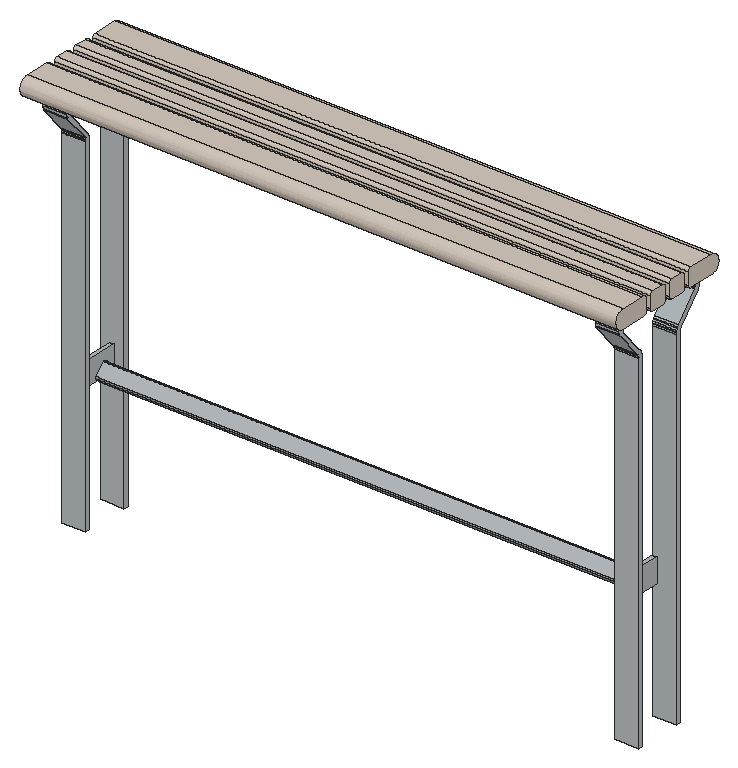
Revit family "Table For Standing Zeta", category Furniture, Revit 2020
Family settings
  OmniClass Number = 23.21.23.13.15
  Work Plane-Based = No
  Always vertical = Yes
  Cut with Voids When Loaded = No
  Shared = No
  Room Calculation Point = No
Parameters (values of type "8037072 Table For Standing Zeta")
  Uniclass 1.4 Description = "Furniture"
  Uniclass 1.4 Code = "L8211"
  URL = "https://www.hags.com/"
  QR code = ""
  Product url = "https://www.hags.com/park-urban/park-and-urban-products/tables/table-for-standing-zeta"
  Product name = "Table For Standing Zeta"
  Product data url = ""
  Product SKU = ""
  Product Guid = ""
  OmniClass Description = "Tables"
  OmniClass Code = "23-21 23 13 15"
  Model = "8037072"
  Manufacturer name = "HAGS"
  Manufacturer = "Hags"
  IFC Classification = "Furniture"
  Edition number = 1
  Description = "Table For Standing Zeta"  # constant formula
  Default Elevation = 0 mm
  Construction material = Hags - Steel - Galvanized
  Body material_90 = Hags - Steel - Galvanized
  Body material = Hags - Wood - Tan
  BIMobject category = "Park and Urban Furniture"
Reference planes
  plane 1 "Center (Front/Back)": y = 0
  plane 2: z = 0
  plane 3 "Center (Left/Right)": x = 0
Forms (mm)
  Extrusion 1, solid, material "Hags - Steel - Galvanized" <- "Construction material"
    sketch origin (310.18, 293, 329.108) x (0, 1, 0) y (0, 0, 1)
      loop
        line (81.138, -329.108) -> (81.138, 542.256) -> (81.138, 549.581) -> (81.138, 553.044) -> (81.79, 555.284) -> (82.578, 557.989) -> (84.335, 561.021) -> (85.662, 562.792) -> (136.554, 623.443) -> (137.902, 625.297) -> (138.818, 626.9) -> (139.73, 628.92) -> (140.54, 631.813) -> (141.064, 634.292) -> (141.064, 636.21) -> (140.684, 639.446) -> (139.632, 642.933) -> (138.58, 645.505) -> (136.823, 648.21) -> (135.336, 649.697) -> (133.144, 651.889) -> (131.282, 653.228) -> (129.652, 653.974) -> (127.564, 654.886) -> (126.104, 655.249) -> (123.67, 655.852) -> (121.072, 656.052) -> (-88.928, 656.052) -> (-93.103, 655.675) -> (-97.485, 654.31) -> (-100.534, 652.175) -> (-102.208, 650.501) -> (-105.743, 646.966) -> (-107.907, 642.57) -> (-109.015, 636.287) -> (-107.456, 628.254) -> (-106.284, 625.463) -> (-53.697, 562.792) -> (-51.193, 559.007) -> (-50.391, 556.169) -> (-49.067, 551.348) -> (-49.067, 550.054) -> (-49.067, -329.108) -> (-39.067, -329.108) -> (-39.067, 552.488) -> (-39.228, 553.488) -> (-39.62, 555.921) -> (-40.685, 559.799) -> (-42.291, 563.564) -> (-43.852, 566.267) -> (-46.036, 569.22) -> (-96.678, 629.572) -> (-97.929, 631.464) -> (-98.422, 632.601) -> (-98.81, 633.973) -> (-99.014, 635.75) -> (-98.947, 637.186) -> (-98.754, 638.281) -> (-98.212, 639.932) -> (-97.566, 641.244) -> (-96.91, 642.181) -> (-96.035, 643.056) -> (-95.358, 643.733) -> (-94.115, 644.603) -> (-92.714, 645.292) -> (-91.517, 645.683) -> (-90.321, 645.915) -> (-89.376, 646) -> (120.983, 646) -> (121.913, 645.957) -> (122.942, 645.806) -> (123.834, 645.585) -> (124.719, 645.276) -> (125.564, 644.889) -> (126.369, 644.425) -> (127.13, 643.887) -> (127.847, 643.242) -> (128.54, 642.548) -> (129.117, 641.816) -> (129.605, 641.066) -> (130.046, 640.226) -> (130.409, 639.337) -> (130.683, 638.431) -> (130.866, 637.522) -> (130.975, 636.596) -> (130.975, 635.608) -> (130.73, 633.767) -> (130.474, 632.85) -> (129.744, 631.18) -> (129.318, 630.5) -> (128.643, 629.572) -> (78.001, 569.22) -> (76.012, 566.563) -> (74.146, 563.345) -> (72.627, 559.733) -> (71.801, 556.894) -> (70.983, 554.936) -> (70.983, 549.936) -> (70.983, -329.108) -> (81.138, -329.108)
    from 0 to 60
  Extrusion 2, solid, material "Hags - Steel - Galvanized" <- "Construction material"
    sketch origin (370.18, 293, 0.358) x (0, 1, 0) y (0, 0, 1)
      loop
        arc (-10.18, 329.991) -> (-11.06, 328.023) -> (-10.401, 325.969) r 3.018
        line (-10.401, 325.969) -> (0.983, 314.586) -> (2.397, 316) -> (29.568, 316) -> (30.983, 314.586) -> (42.146, 325.749)
        arc (42.146, 325.749) -> (42.65, 326.425) -> (42.951, 327.213) r 3.063
        arc (42.951, 327.213) -> (42.912, 328.698) -> (42.158, 329.979) r 2.968
        line (42.158, 329.979) -> (18.086, 354.051)
        arc (18.086, 354.051) -> (17.515, 354.491) -> (16.857, 354.781) r 3
        arc (16.857, 354.781) -> (16.433, 354.878) -> (16, 354.912) r 3
        arc (16, 354.912) -> (15.604, 354.888) -> (15.214, 354.812) r 3
        line (15.214, 354.812) -> (14.483, 354.51) -> (13.861, 354.033) -> (-10.18, 329.991)
    from -6.357 to 1332.218
  Extrusion 3, solid, material "Hags - Steel - Galvanized" <- "Construction material"
    sketch origin (308.93, 293, 0.358) x (0, 1, 0) y (0, 0, 1)
      loop
        line (70.983, 361) -> (-39.017, 361) -> (-39.017, 301) -> (70.983, 301) -> (70.983, 361)
    from 26.209 to 36.209
  Extrusion 4, solid, material "Hags - Steel - Galvanized" <- "Construction material"
    sketch origin (1700.139, 293, 328.908) x (0, 1, 0) y (0, 0, 1)
      loop
        line (81.138, -328.908) -> (81.138, 542.256) -> (81.138, 549.581) -> (81.138, 553.044) -> (81.79, 555.284) -> (82.578, 557.989) -> (84.335, 561.021) -> (85.662, 562.792) -> (136.554, 623.443) -> (137.902, 625.297) -> (138.818, 626.9) -> (139.73, 628.92) -> (140.54, 631.813) -> (141.064, 634.292) -> (141.064, 636.21) -> (140.684, 639.446) -> (139.632, 642.933) -> (138.58, 645.505) -> (136.823, 648.21) -> (135.336, 649.697) -> (133.144, 651.889) -> (131.282, 653.228) -> (129.652, 653.974) -> (127.564, 654.886) -> (126.104, 655.249) -> (123.67, 655.852) -> (121.072, 656.052) -> (-88.928, 656.052) -> (-93.103, 655.675) -> (-97.485, 654.31) -> (-100.534, 652.175) -> (-102.208, 650.501) -> (-105.743, 646.966) -> (-107.907, 642.57) -> (-109.015, 636.287) -> (-107.456, 628.254) -> (-106.284, 625.463) -> (-53.697, 562.792) -> (-51.193, 559.007) -> (-50.391, 556.169) -> (-49.067, 551.348) -> (-49.067, 550.054) -> (-49.067, -328.908) -> (-39.067, -328.908) -> (-39.067, 552.488) -> (-39.228, 553.488) -> (-39.62, 555.921) -> (-40.685, 559.799) -> (-42.291, 563.564) -> (-43.852, 566.267) -> (-46.036, 569.22) -> (-96.678, 629.572) -> (-97.929, 631.464) -> (-98.422, 632.601) -> (-98.81, 633.973) -> (-99.014, 635.75) -> (-98.947, 637.186) -> (-98.754, 638.281) -> (-98.212, 639.932) -> (-97.566, 641.244) -> (-96.91, 642.181) -> (-96.035, 643.056) -> (-95.358, 643.733) -> (-94.115, 644.603) -> (-92.714, 645.292) -> (-91.517, 645.683) -> (-90.321, 645.915) -> (-89.376, 646) -> (120.983, 646) -> (121.913, 645.957) -> (122.942, 645.806) -> (123.834, 645.585) -> (124.719, 645.276) -> (125.564, 644.889) -> (126.369, 644.425) -> (127.13, 643.887) -> (127.847, 643.242) -> (128.54, 642.548) -> (129.117, 641.816) -> (129.605, 641.066) -> (130.046, 640.226) -> (130.409, 639.337) -> (130.683, 638.431) -> (130.866, 637.522) -> (130.975, 636.596) -> (130.975, 635.608) -> (130.73, 633.767) -> (130.474, 632.85) -> (129.744, 631.18) -> (129.318, 630.5) -> (128.643, 629.572) -> (78.001, 569.22) -> (76.012, 566.563) -> (74.146, 563.345) -> (72.627, 559.733) -> (71.801, 556.894) -> (70.983, 554.936) -> (70.983, 549.936) -> (70.983, -328.908) -> (81.138, -328.908)
    from 0 to 60
  Extrusion 5, solid, material "Hags - Steel - Galvanized" <- "Construction material"
    sketch origin (1673.93, 293, 0.358) x (0, 1, 0) y (0, 0, 1)
      loop
        line (70.983, 361) -> (-39.017, 361) -> (-39.017, 301) -> (70.983, 301) -> (70.983, 361)
    from 26.209 to 36.209
  Extrusion 6, solid, material "Hags - Wood - Tan" <- "Body material"
    sketch origin (283.93, 293, 329.108) x (0, 1, 0) y (0, 0, 1)
      loop
        arc (87.85, 704) -> (82.744, 702.071) -> (80.19, 697.248) r 7.722
        line (80.19, 697.248) -> (80.19, 665.428)
        arc (80.19, 665.428) -> (82.85, 660.82) -> (87.85, 659) r 7.779
        line (87.85, 659) -> (150.499, 659)
        arc (150.499, 659) -> (172.999, 681.5) -> (150.499, 704) r 22.5
        line (150.499, 704) -> (87.85, 704)
    from 0 to 1499.962
  Extrusion 7, solid, material "Hags - Wood - Tan" <- "Body material"
    sketch origin (283.93, 293, 329.108) x (0, 1, 0) y (0, 0, 1)
      loop
        arc (64.85, 696.082) -> (62.539, 701.662) -> (56.959, 703.973) r 7.891
        line (56.959, 703.973) -> (27.578, 703.973)
        arc (27.578, 703.973) -> (22.117, 701.542) -> (19.878, 696) r 7.978
        line (19.878, 696) -> (19.878, 666.101)
        arc (19.878, 666.101) -> (22.262, 661.103) -> (27.414, 659.074) r 7.554
        line (27.414, 659.074) -> (57.713, 659.074)
        arc (57.713, 659.074) -> (62.803, 661.667) -> (64.85, 667) r 7.97
        line (64.85, 667) -> (64.85, 696.082)
    from 0 to 1500
  Extrusion 8, solid, material "Hags - Wood - Tan" <- "Body material"
    sketch origin (283.93, 317.756, 329.108) x (0, -1, 0) y (0, 0, -1)
      loop
        line (87.85, -704) -> (150.499, -704)
        arc (150.499, -704) -> (172.999, -681.5) -> (150.499, -659) r 22.5
        line (150.499, -659) -> (87.85, -659)
        arc (87.85, -659) -> (82.85, -660.82) -> (80.19, -665.428) r 7.779
        line (80.19, -665.428) -> (80.19, -697.248)
        arc (80.19, -697.248) -> (82.744, -702.071) -> (87.85, -704) r 7.722
    from 0 to 1499.962
  Extrusion 9, solid, material "Hags - Wood - Tan" <- "Body material"
    sketch origin (283.93, 317.756, 329.108) x (0, -1, 0) y (0, 0, -1)
      loop
        line (64.85, -696.082) -> (64.85, -667)
        arc (64.85, -667) -> (62.803, -661.667) -> (57.713, -659.074) r 7.97
        line (57.713, -659.074) -> (27.414, -659.074)
        arc (27.414, -659.074) -> (22.262, -661.103) -> (19.878, -666.101) r 7.554
        line (19.878, -666.101) -> (19.878, -696)
        arc (19.878, -696) -> (22.117, -701.542) -> (27.578, -703.973) r 7.978
        line (27.578, -703.973) -> (56.959, -703.973)
        arc (56.959, -703.973) -> (62.539, -701.662) -> (64.85, -696.082) r 7.891
    from 0 to 1500
Dimensions and locks
  aligned and locked: level to plane 2
